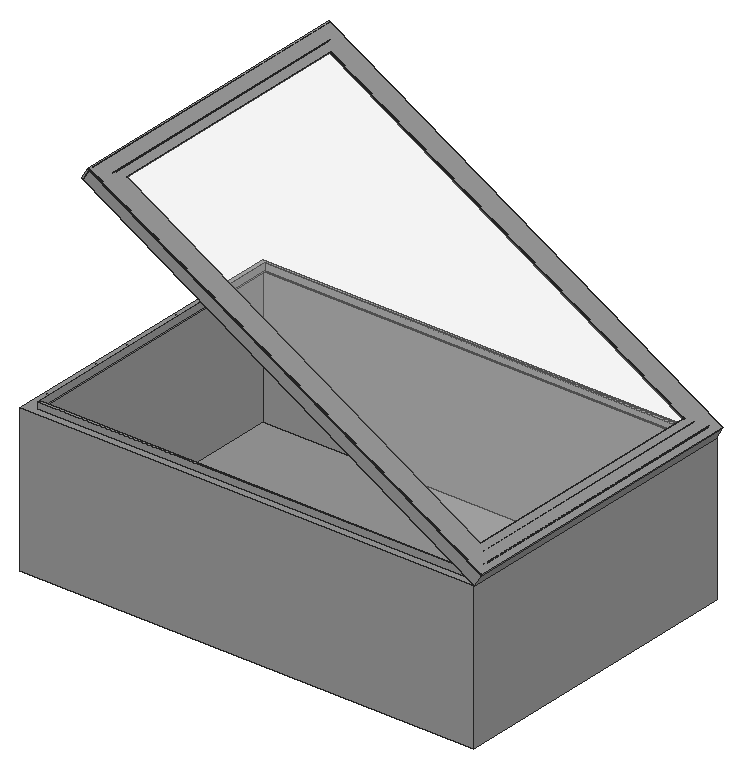
Revit family "Hager-Orion_Inox-IP66-D210-Cl.I-Inox_encl-630A-400mm-CH-de", category Electrical Equipment, host Face, Revit 2020
Family settings
  Host = Face
  Panel Configuration = Two Columns, Circuits Across
  Round Connector Dimension = Use Diameter
  Part Type = Panelboard
  Cut with Voids When Loaded = No
  Shared = No
  Room Calculation Point = No
Parameters (values of type "Aufputz IP66 B600 H400 T210  - FL017TWL")
  Width Control [instance] = if([EF000008 - Breite] > Min Width, [EF000008 - Breite], Min Width)  # 600 mm
  Type Comments = [HG000003 - Bereich]  # "Orion Inox"
  Thickness Door [instance] = if([EF009171 - Materialstärke Tür/Deckel] > 3 mm, 3 mm, [EF009171 - Materialstärke Tür/Deckel])  # 1.5 mm
  Seal Frame Offset [instance] = 17 mm  # constant formula
  Model = ""
  Min Width [instance] = 100 mm  # constant formula
  Min Height [instance] = 100 mm  # constant formula
  Min Depth [instance] = (2 * [EF009170 - Materialstärke Gehäuse]) + 1 mm  # 4 mm
  Internal Frame Depth [instance] = (Door System Depth * 0.5)  # 9 mm
  Height Control [instance] = if([EF000040 - Höhe] > Min Height, [EF000040 - Höhe], Min Height)  # 400 mm
  HG000027 - Sockelhöhe = 0 mm
  HG000026 - Stehend auf dem Boden = no
  HG000024 - Höhe des unteren Teils = 800 mm
  HG000023 - Gehäuse mit doppeltem Querschnitt = no
  HG000016 - 3D-Türsichtbarkeit [instance] = yes
  HG000015 - Sichtbarkeit der Türöffnung [instance] = no
  HG000014 - Tür rechts [instance] = yes
  HG000013 - Tür links [instance] = not([HG000014 - Tür rechts])  # no
  HG000012 - Türschwenkwinkel [instance] = 30.00°
  HG000010 - Asymmetrische Türen = no
  HG000009 - Doppelflügeligen Tür = no
  HG000006 - Unterputz = no
  HG000004 - Herstellerreferenz = "FL017TWL"
  HG000003 - Bereich = "Orion Inox"
  HG000002 - Mit tür = yes
  Frame Offset Bottom [instance] = 10 mm  # constant formula
  Frame Offset [instance] = 15 mm  # constant formula
  EF015940 - Deckel mit Überdruckentlastung = no
  EF011959 - Schutzart (NEMA) = ""
  EF009554 - Anzahl der Öffnungen für Flanschplatten = 0
  Manufacturer = "Hager"  # constant formula
  EF009212 - Ausführung Deckel = "EV000116 - geschlossen"
  EF009171 - Materialstärke Tür/Deckel = 1.5 mm
  EF009170 - Materialstärke Gehäuse = 1.5 mm
  EF008873 - Nennstrom (In) = 630 A
  EF007800 - Geeignet für Blitzschutz = no
  EF006306 - Mit Schloss = yes
  EF006244 - Transparenter Deckel/Tür = yes
  EF005474 - Schutzart (IP) = "EV006422 - IP66"
  EF004464 - Art der Tür = "EV002646 - Einzel"
  EF004427 - Anzahl der Module = 0
  EF004293 - Schlagfestigkeit = "EV006814 - IK08"
  EF003532 - Geeignet für Außengebrauch = yes
  EF002950 - Breite in Teilungseinheiten = 0
  EF001613 - Funktionserhalt = "EV000494 - ohne"
  EF001596 - Werkstoff des Gehäuses = "EV000166 - rostfreier Stahl"
  EF001131 - Innentiefe = 176 mm
  EF001088 - Anbaumöglichkeit = yes
  EF000437 - Anzahl der Leitungseinführungen = 0
  EF000339 - Art der Abdeckung = "EV004216 - Tür"
  EF000266 - Anzahl der Reihen = 0
  EF000218 - Einbautiefe = 0 mm
  EF000118 - Mit Montageplatte = no
  EF000116 - RAL-Nummer = ""
  EF000049 - Tiefe = 210 mm
  EF000040 - Höhe = 400 mm
  EF000008 - Breite = 600 mm
  EF000007 - Farbe = "EV000154 - sonstige"
  EF000003 - Montageart = "EV000384 - Aufputz"
  Door System Leaf Tolerance [instance] = 1.5 mm  # constant formula
  Door System Depth [instance] = 18 mm  # constant formula
  Depth Control [instance] = if([EF000049 - Tiefe] > Min Depth, [EF000049 - Tiefe], Min Depth)  # 210 mm
  Default Elevation = 0 mm
Types (12, lengths in mm): name | Width Control | HG000004 - Herstellerreferenz | EF009212 - Ausführung Deckel | EF006306 - Mit Schloss | EF006244 - Transparenter Deckel/Tür | EF004293 - Schlagfestigkeit | EF001613 - Funktionserhalt | EF000008 - Breite
  Aufputz IP66 B300 H400 T210  - FL015BW | 300 | "FL015BW" | "EV000116 - geschlossen" | yes | no | "EV008784 - IK10" | "EV000494 - ohne" | 300
  Aufputz IP66 B300 H400 T210  - FL015BWL | 300 | "FL015BWL" | "EV000116 - geschlossen" | yes | no | "EV008784 - IK10" | "EV000494 - ohne" | 300
  Aufputz IP66 B300 H400 T210  - FL015TW | 300 | "FL015TW" | "EV000116 - geschlossen" | yes | yes | "EV006814 - IK08" | "EV000494 - ohne" | 300
  Aufputz IP66 B300 H400 T210  - FL015TWL | 300 | "FL015TWL" | "EV000116 - geschlossen" | yes | yes | "EV006814 - IK08" | "EV000494 - ohne" | 300
  Aufputz IP66 B400 H400 T210  - FL016BW | 400 | "FL016BW" | "EV009916 - mit Ausschnitt" | no | no | "EV008784 - IK10" | "" | 400
  Aufputz IP66 B400 H400 T210  - FL016BWL | 400 | "FL016BWL" | "EV009916 - mit Ausschnitt" | no | no | "EV008784 - IK10" | "" | 400
  Aufputz IP66 B400 H400 T210  - FL016TW | 400 | "FL016TW" | "EV000116 - geschlossen" | yes | yes | "EV006814 - IK08" | "EV000494 - ohne" | 400
  Aufputz IP66 B400 H400 T210  - FL016TWL | 400 | "FL016TWL" | "EV000116 - geschlossen" | yes | yes | "EV006814 - IK08" | "EV000494 - ohne" | 400
  Aufputz IP66 B600 H400 T210  - FL017BW | 600 | "FL017BW" | "EV000116 - geschlossen" | yes | no | "EV008784 - IK10" | "EV000494 - ohne" | 600
  Aufputz IP66 B600 H400 T210  - FL017BWL | 600 | "FL017BWL" | "EV000116 - geschlossen" | yes | no | "EV008784 - IK10" | "EV000494 - ohne" | 600
  Aufputz IP66 B600 H400 T210  - FL017TW | 600 | "FL017TW" | "EV000116 - geschlossen" | yes | yes | "EV006814 - IK08" | "EV000494 - ohne" | 600
  Aufputz IP66 B600 H400 T210  - FL017TWL | 600 | "FL017TWL" | "EV000116 - geschlossen" | yes | yes | "EV006814 - IK08" | "EV000494 - ohne" | 600
Reference planes
  plane 1 "Center (Front/Back)": y = 0
  plane 2: z = 0
  plane 3 "Center (Left/Right)": x = 0
  plane 4: z = 210
  plane 5: y = 1.5
  plane 6: y = 200
  plane 7: y = 0
  plane 8: y = 400
  plane 9: z = 0
  plane 10: x = -285
  plane 11: x = 285
  plane 12: x = 283.5
  plane 13: x = -283.5
  plane 14: y = 398.5
  plane 15: x = -283
  plane 16: x = -300
  plane 17: x = 283
  plane 18: x = 300
  plane 19: x = 298.5
  plane 20: x = -298.5
  plane 21: y = 11.5
  plane 22: y = 400
  plane 23: y = 383.5
  plane 24: z = 192
  plane 25: z = 1.5
  plane 26: z = 190.5
  plane 27: z = 208.5
Forms (mm)
  Extrusion 1, solid, material "Hager_Stainless_Steel", detail levels medium+fine
    sketch origin (0, 0, 0) x (1, 0, 0) y (0, 1, 0)
      loop
        line (-300, 0) -> (300, 0) -> (300, 400) -> (-300, 400) -> (-300, 0)
    from 0 to 192
  Extrusion 2, solid, material "Hager_Steel_RAL 7035_Light_Grey", not visible, detail levels medium+fine
    sketch origin (0, 28.16, 50.802) x (0, 1, 0) y (0, 0, 1)
      loop
        line (223.34, -50.802) -> (223.34, 147.698)
        arc (223.34, 147.698) -> (220.411, 154.769) -> (213.34, 157.698) r 10
        line (213.34, 157.698) -> (183.34, 157.698) -> (183.34, -50.802) -> (223.34, -50.802)
    from -298.5 to 298.5
  Extrusion 3, void
    sketch origin (0, 0, 0) x (1, 0, 0) y (0, 1, 0)
      loop
        line (-298.5, 1.5) -> (298.5, 1.5) -> (298.5, 398.5) -> (-298.5, 398.5) -> (-298.5, 1.5)
    from 1.5 to 190.5
  Extrusion 4, void
    sketch origin (-381.607, -4572, 192) x (0, -1, 0) y (-1, 0, 0)
      loop
        line (-4583.5, -98.107) -> (-4955.5, -98.107) -> (-4955.5, -665.107) -> (-4583.5, -665.107) -> (-4583.5, -98.107)
    from 0 to 1.5 <- "EF009170 - Materialstärke Gehäuse"
  Extrusion 5, solid, material "Hager_Stainless_Steel", detail levels fine
    sketch origin (-381.607, -4572, 192) x (-1, 0, 0) y (0, -1, 0)
      loop
        line (-98.107, -4583.5) -> (-665.107, -4583.5) -> (-665.107, -4955.5) -> (-98.107, -4955.5) -> (-98.107, -4583.5)
      loop
        line (-97.107, -4582) -> (-666.107, -4582) -> (-666.107, -4957) -> (-97.107, -4957) -> (-97.107, -4582)
    from 0 to 9 <- "Internal Frame Depth"
  Extrusion 6, solid, material "Hager_Stainless_Steel", detail levels coarse
    sketch origin (0, 0, 0) x (1, 0, 0) y (0, 1, 0)
      loop
        line (-300, 0) -> (300, 0) -> (300, 400) -> (-300, 400) -> (-300, 0)
    from 0 to 210
Cuts and joins
  Extrusion 3, Extrusion 4 cuts Extrusion 1
Lines and regions (mm)
  Masking region 1
    outline origin (0, 0, 0) x (1, 0, 0) y (0, 0, 1)
      loop
        line (-300, 210) -> (-300, 0) -> (300, 0) -> (300, 210) -> (-300, 210)
  Masking region 2, detail levels medium+fine
    outline origin (0, 140, 0) x (0, 1, 0) y (0, 0, 1)
      loop
        line (-140, 0) -> (260, 0) -> (260, 192) -> (-140, 192) -> (-140, 0)
  Masking region 3, not visible, detail levels medium+fine
    outline origin (0, 297.922, 0) x (0, 1, 0) y (0, 0, 1)
      loop
        line (-86.422, 0) -> (-46.422, 0) -> (-46.422, 198.5)
        arc (-46.422, 198.5) -> (-49.351, 205.571) -> (-56.422, 208.5) r 10
        line (-56.422, 208.5) -> (-86.422, 208.5) -> (-86.422, 0)
  Masking region 4, detail levels coarse
    outline origin (0, 0, 180) x (0, 1, 0) y (0, 0, 1)
      loop
        line (0, -180) -> (400, -180) -> (400, 30) -> (0, 30) -> (0, -180)
  Masking region 5
    outline origin (-381.607, -4572, 192) x (-1, 0, 0) y (0, -1, 0)
      loop
        line (-81.607, -4972) -> (-81.607, -4572) -> (-681.607, -4572) -> (-681.607, -4972) -> (-81.607, -4972)
Dimensions and locks
  "Depth Control": plane 4 to host face
  "EF009170 - Materialstärke Gehäuse": plane 5 to plane 7
  locked: connector elem to plane 3 "Center (Left/Right)"
  equal spacing: plane 8, plane 6, plane 7
  locked: connector elem to plane 6
  "EF009170 - Materialstärke Gehäuse": plane 8 to plane 14
  "EF009170 - Materialstärke Gehäuse": plane 10 to plane 13
  "EF009170 - Materialstärke Gehäuse": plane 12 to plane 11
  "Frame Offset": plane 20 to plane 13
  "Frame Offset": plane 12 to plane 19
  "EF009170 - Materialstärke Gehäuse": plane 16 to plane 20
  "EF009170 - Materialstärke Gehäuse": plane 19 to plane 18
  "Seal Frame Offset": plane 16 to plane 15
  "Seal Frame Offset": plane 17 to plane 18
  "Frame Offset Bottom": plane 21 to plane 5
  "Frame Offset": plane 14 to plane 23
  equal spacing: plane 16, plane 3 "Center (Left/Right)", plane 18
  "Width Control": plane 16 to plane 18
  "EF009170 - Materialstärke Gehäuse": plane 4 to plane 27
  "EF009170 - Materialstärke Gehäuse": plane 24 to plane 26
  "EF009170 - Materialstärke Gehäuse": plane 25 to level
  "Door System Depth": plane 4 to plane 24
  "Height Control": plane 1 "Center (Front/Back)" to Extrusion 6 sketch curve
  "Height Control": Masking region 4 sketch curve to plane 1 "Center (Front/Back)"
  "Thickness Door": Extrusion 5 sketch curve to plane 15
  "Thickness Door": plane 21 to Extrusion 5 sketch curve
  "Thickness Door": plane 17 to Extrusion 5 sketch curve
  "Thickness Door": Extrusion 5 sketch curve to plane 23
  "Height Control": plane 1 "Center (Front/Back)" to plane 22
  radius of Masking region 3 sketch curve = 10 mm
  radius of Extrusion 2 sketch curve = 10 mm
  aligned and locked: plane 2 to host face
  aligned and locked: level to host face
  aligned and locked: level to Masking region 1 sketch curve
  aligned and locked: Masking region 1 sketch curve to plane 18
  aligned and locked: Masking region 1 sketch curve to plane 16
  aligned and locked: plane 7 to Masking region 2 sketch curve
  aligned and locked: level to Masking region 3 sketch curve
  aligned and locked: Masking region 3 sketch curve to plane 27
  aligned and locked: level to Masking region 2 sketch curve
  aligned and locked: Extrusion 1 sketch curve to plane 7
  aligned and locked: plane 16 to Extrusion 1 sketch curve
  aligned and locked: plane 18 to Extrusion 1 sketch curve
  aligned and locked: Extrusion 2 sketch curve to level
  aligned and locked: plane 27 to Extrusion 2 sketch curve
  aligned and locked: plane 20 to Extrusion 2
  aligned and locked: plane 19 to Extrusion 2
  aligned and locked: plane 20 to Extrusion 3 sketch curve
  aligned and locked: plane 19 to Extrusion 3 sketch curve
  aligned and locked: Extrusion 3 sketch curve to plane 5
  aligned and locked: Extrusion 3 to plane 25
  aligned and locked: plane 26 to Extrusion 3
  aligned and locked: plane 24 to Extrusion 1
  aligned and locked: Extrusion 4 sketch curve to plane 21
  aligned and locked: Extrusion 4 sketch curve to plane 13
  aligned and locked: Extrusion 4 sketch curve to plane 12
  aligned and locked: plane 18 to Extrusion 6 sketch curve
  aligned and locked: plane 1 "Center (Front/Back)" to Extrusion 6 sketch curve
  aligned and locked: plane 16 to Extrusion 6 sketch curve
  aligned and locked: plane 4 to Extrusion 6
  aligned and locked: Extrusion 6 to level
  aligned and locked: level to Masking region 4 sketch curve
  aligned and locked: Masking region 4 sketch curve to plane 1 "Center (Front/Back)"
  aligned and locked: Masking region 4 sketch curve to plane 4
  aligned and locked: nested 1 to level
  aligned and locked: nested 1 to plane 16
  aligned and locked: plane 8 to Extrusion 1 sketch curve
  aligned and locked: plane 23 to Extrusion 4 sketch curve
  aligned and locked: plane 14 to Extrusion 3 sketch curve
  aligned and locked: Extrusion 5 sketch curve to plane 21
  aligned and locked: plane 13 to Extrusion 5 sketch curve
  aligned and locked: plane 23 to Extrusion 5 sketch curve
  aligned and locked: plane 12 to Extrusion 5 sketch curve
  aligned and locked: Masking region 2 sketch curve to plane 8
  aligned and locked: Masking region 2 sketch curve to plane 24
  aligned and locked: nested 2 to plane 3 "Center (Left/Right)"
  aligned and locked: nested 2 to plane 24
  aligned and locked: Masking region 5 sketch curve to plane 1 "Center (Front/Back)"
  aligned and locked: Masking region 5 sketch curve to plane 18
  aligned and locked: Masking region 5 sketch curve to plane 22
  aligned and locked: Masking region 5 sketch curve to plane 16
  aligned and locked: plane 8 to plane 22
  aligned and locked: plane 7 to plane 1 "Center (Front/Back)"
  aligned and locked: nested 2 to plane 1 "Center (Front/Back)"
Automatic sketch dimensions
  host sketch curve to host sketch curve = 1469.727 mm
  host sketch curve to host sketch curve = 2116.445 mm
  plane 6 to Masking region 3 sketch curve = 11.5 mm
  Masking region 3 sketch curve to Masking region 3 sketch curve = 30 mm
  plane 6 to Extrusion 2 sketch curve = 11.5 mm
  Extrusion 2 sketch curve to Extrusion 2 sketch curve = 30 mm
  Masking region 1 sketch curve to plane 4 = 0 mm
Nested families
  nested 1: "Hager_Enclosure_Symbol" at (-300, 0, 0) x (1, 0, 0) z (0, -1, 0), Height <- "Depth Control", Width <- "Width Control", type "Hager_Enclosure_Symbol"
    with Width_Ctrl 600 mm, Width 600 mm, Height_Ctrl 210 mm, Height 210 mm, A_Width_Int 13.781 mm, A_Width 165.375 mm, A_Height_Ctrl 183.75 mm, A_Height 183.75 mm
  nested 2: "EC000058_OrionInox_Door" at (0, 400, 192) x (1, 0, 0) z (0, -1, 0), Leaf_Tolerance <- "Door System Leaf Tolerance", Angle <- "HG000012 - Türschwenkwinkel", Door_Depth <- "Door System Depth", Door_Left <- "HG000013 - Tür links", Transparent <- "EF006244 - Transparenter Deckel/Tür", Assymetrical <- "HG000010 - Asymmetrische Türen", Width <- "Width Control", Clearance <- "HG000015 - Sichtbarkeit der Türöffnung", Double <- "HG000009 - Doppelflügeligen Tür", 3d_Door <- "HG000016 - 3D-Türsichtbarkeit", Width_Ctrl <- "Width Control", Door_Right <- "HG000014 - Tür rechts", Door <- "HG000002 - Mit tür", Height <- "Height Control", Thickness <- "Thickness Door", type "EC000058_OrionInox_Door", detail levels medium+fine
    with min_wh 4 mm, Width_Ctrl 600 mm, Width 600 mm, Transparent yes, Thickness 1.5 mm, Seal_Material Hager_Rubber, Leaf_Width 600 mm, Leaf_Tolerance_External_Sides 0 mm, Leaf_Tolerance 1.5 mm, Leaf_Offset 0 mm, Leaf_Height 397 mm, Leaf_2_Width 600 mm, Leaf_2_Offset 300 mm, Leaf_1_Width 600 mm, Leaf_1_Offset 300 mm, Height_Ctrl 400 mm, Height 400 mm, Glass_Material Hager_Glass, Double_Clearance_Ctrl no, Double no, Door_Right_Ctrl yes, Door_Right yes, Door_Material Hager_Stainless_Steel, Door_Left_Ctrl no, Door_Left no, Door_Depth 18 mm, Door yes, Clearance_Material Hager_Clearance, Clearance_Depth 600 mm, Clearance_Ctrl no, Clearance no, Assymetrical no, Angle 30.00°, 3d_Door yes
Connectors
  electrical at (0, 200, 0)
    settings: on plane 9, index 1, voltage 0 V, apparent load 0 VA, apparent load phase1 0 VA, apparent load phase2 0 VA, apparent load phase3 0 VA, power factor 1, load classification "Other", number of poles 1, system type 30, power factor state 1, is connector primary yes, connector utility no, sub classification motor no, connector description ""
Definition of nested family "EC000058_OrionInox_Door"
  Parameters (values of type "EC000058_OrionInox_Door")
    min_wh [instance] = (2 * Thickness) + 1 mm  # 11 mm
    Width_Ctrl [instance] = 400 mm
    Width [instance] = 500 mm
    Transparent [instance] = yes
    Thickness [instance] = 5 mm
    Seal_Material [instance] = none
    Leaf_Width [instance] = if((Width_Ctrl - 2 * Leaf_Tolerance_External_Sides) > 0 mm, (Width_Ctrl - 2 * Leaf_Tolerance_External_Sides), min_wh)  # 400 mm
    Leaf_Tolerance_External_Sides [instance] = 0 mm  # constant formula
    Leaf_Tolerance [instance] = 1.5 mm
    Leaf_Offset [instance] = 0 mm  # constant formula
    Leaf_Height [instance] = if((Height_Ctrl - 2 * Leaf_Tolerance) > 0 mm, (Height_Ctrl - 2 * Leaf_Tolerance), min_wh)  # 497 mm
    Leaf_2_Width [instance] = if(and(and(Double, Assymetrical), Door_Left), (Leaf_Width / 3) - (Leaf_Tolerance / 2), if(and(and(Double, Assymetrical), Door_Right), (Leaf_Width / 3) * 2 - (Leaf_Tolerance / 2), if(and(Double, not(Assymetrical)), (Leaf_Width / 2) - Leaf_Tolerance, Leaf_Width)))  # 400 mm
    Leaf_2_Offset [instance] = if(and(Double, Assymetrical), Leaf_2_Width / 2, if(and(Double, not(Assymetrical)), Leaf_Width / 4, Leaf_Width / 2))  # 200 mm
    Leaf_1_Width [instance] = if(and(and(Double, Assymetrical), Door_Right), (Leaf_Width / 3) - (Leaf_Tolerance / 2), if(and(and(Double, Assymetrical), Door_Left), (Width / 3) * 2 - (Leaf_Tolerance / 2), if(and(Double, not(Assymetrical)), (Leaf_Width / 2) - Leaf_Tolerance, Leaf_Width)))  # 400 mm
    Leaf_1_Offset [instance] = if(and(Double, Assymetrical), Leaf_1_Width / 2, if(and(Double, not(Assymetrical)), Leaf_Width / 4, Leaf_Width / 2))  # 200 mm
    Height_Ctrl [instance] = if(Height > min_wh, Height, min_wh)  # 500 mm
    Height [instance] = 500 mm
    Glass_Material [instance] = none
    Double_Clearance_Ctrl [instance] = and(Double, Clearance)  # no
    Double [instance] = no
    Door_Right_Ctrl [instance] = and(or(Door_Right, Double), Door)  # yes
    Door_Right [instance] = yes
    Door_Material [instance] = none
    Door_Left_Ctrl [instance] = and(or(Door_Left, Double), Door)  # no
    Door_Left [instance] = no
    Door_Depth [instance] = 30 mm
    Door [instance] = yes
    Default Elevation = 1219.2 mm
    Clearance_Material [instance] = none
    Clearance_Depth [instance] = if(Leaf_1_Width > Leaf_2_Width, Leaf_1_Width, Leaf_2_Width)  # 400 mm
    Clearance_Ctrl [instance] = and(not(Double), Clearance)  # yes
    Clearance [instance] = yes
    Assymetrical [instance] = yes
    Angle [instance] = 30.00°
    3d_Door [instance] = yes
  Reference planes
    plane 1 "Center (Front/Back)": y = 0
    plane 2 "Bottom": z = 0
    plane 3 "Center (Left/Right)": x = 0
    plane 4: z = 500
    plane 5: x = -200
    plane 6: x = 200
    plane 7: z = 500
    plane 8: x = -200
    plane 9: z = 0
    plane 10: x = 200
    plane 11: y = 0
    plane 12: z = 1.5
    plane 13: x = -600
    plane 14: y = -400
    plane 15: x = 600
    plane 16: x = 0
    plane 17: x = 0
    plane 18: x = -200
    plane 19: x = 200
    plane 20: z = 498.5
  Forms (mm)
    Extrusion 1, solid, material <- "Clearance_Material", visible <- "Double_Clearance_Ctrl"
      sketch origin (1200, 0, 0) x (1, 0, 0) y (0, 0, -1)
        loop
          line (-1800, -498.5) -> (-600, -498.5) -> (-600, 0) -> (-1800, 0) -> (-1800, -498.5)
      from 0 to -400
  Dimensions and locks
    equal spacing: plane 5, plane 3 "Center (Left/Right)", plane 6
    "Width_Ctrl": plane 5 to plane 6
    "Leaf_Offset": plane 5 to plane 8
    "Leaf_Offset": plane 6 to plane 10
    "Leaf_Offset": plane 9 to level
    "Leaf_Offset": plane 4 to plane 7
    "Height_Ctrl": plane 4 to level
    "Leaf_Tolerance": plane 12 to plane 9
    locked: plane 11 to plane 1 "Center (Front/Back)"
    "Leaf_1_Offset": plane 18 to plane 16
    "Leaf_2_Offset": plane 17 to plane 19
    "Leaf_1_Width": plane 13 to plane 8
    "Leaf_2_Width": plane 10 to plane 15
    "Clearance_Depth": plane 14 to plane 1 "Center (Front/Back)"
    "Leaf_Tolerance_External_Sides": plane 8 to plane 18
    "Leaf_Tolerance_External_Sides": plane 19 to plane 10
    "Leaf_Tolerance": plane 7 to plane 20
    aligned and locked: level to plane 2 "Bottom"
    aligned and locked: nested 1 to plane 16
    aligned and locked: nested 2 to plane 17
    aligned and locked: Extrusion 1 to plane 13
    aligned and locked: plane 15 to Extrusion 1
    aligned and locked: Extrusion 1 to plane 14
    aligned and locked: plane 12 to nested 1
    aligned and locked: nested 2 to plane 12
    aligned and locked: Extrusion 1 to plane 11
    aligned and locked: plane 20 to Extrusion 1
    aligned and locked: nested 2 to plane 11
    aligned and locked: nested 1 to plane 11
  Automatic sketch dimensions
    Extrusion 1 sketch curve to level = 0 mm
    plane 5 to Extrusion 1 sketch curve = 400 mm
    plane 6 to Extrusion 1 sketch curve = 400 mm
    Extrusion 1 sketch curve to plane 4 = 1.5 mm
  Nested families
    nested 1: "EC000058_OrionInox_Door_Leaf" at (0, 0, 1.5), Width <- "Leaf_1_Width", visible <- "Door_Left_Ctrl", Leaf_Height <- "Leaf_Height", Angle <- "Angle", 3d_Door <- "3d_Door", Transparent <- "Transparent", Clearance Material <- "Clearance_Material", Clearance <- "Clearance_Ctrl", Door_Material <- "Door_Material", Glass_Material <- "Glass_Material", Door_Depth <- "Door_Depth", Seal_Material <- "Seal_Material", Thickness <- "Thickness", type "EC000058_OrionInox_Door_Leaf"
      with Width 400 mm, Transparent_Ctrl yes, Transparent yes, Thickness 5 mm, Standard no, Seal_Material none, Seal_D2 8 mm, Seal_D1 1 mm, Offset_Internal_Frame 10 mm, Lock_Width 28 mm, Lock_Thickness 2 mm, Lock_Radius 6 mm, Leaf_Height 497 mm, Internal_Seal_Thickness 8 mm, Internal_Seal_Depth_2 4.5 mm, Internal_Frame_Depth 25 mm, Glass_Thickness -1 mm, Glass_Offset -2 mm, Glass_Material none, Door_Material none, Door_Depth 30 mm, Clearance Material none, Clearance yes, Angle_Ctrl 30.00°, Angle 30.00°, 3d_Door yes
    nested 2: "EC000058_OrionInox_Door_Leaf" at (0, 0, 1.5) x (-1, 0, 0) z (0, 0, 1), Width <- "Leaf_2_Width", visible <- "Door_Right_Ctrl", Leaf_Height <- "Leaf_Height", Angle <- "Angle", 3d_Door <- "3d_Door", Transparent <- "Transparent", Clearance Material <- "Clearance_Material", Clearance <- "Clearance_Ctrl", Door_Material <- "Door_Material", Glass_Material <- "Glass_Material", Door_Depth <- "Door_Depth", Seal_Material <- "Seal_Material", Thickness <- "Thickness", type "EC000058_OrionInox_Door_Leaf"
      with Width 400 mm, Transparent_Ctrl yes, Transparent yes, Thickness 5 mm, Standard no, Seal_Material none, Seal_D2 8 mm, Seal_D1 1 mm, Offset_Internal_Frame 10 mm, Lock_Width 28 mm, Lock_Thickness 2 mm, Lock_Radius 6 mm, Leaf_Height 497 mm, Internal_Seal_Thickness 8 mm, Internal_Seal_Depth_2 4.5 mm, Internal_Frame_Depth 25 mm, Glass_Thickness -1 mm, Glass_Offset -2 mm, Glass_Material none, Door_Material none, Door_Depth 30 mm, Clearance Material none, Clearance yes, Angle_Ctrl 30.00°, Angle 30.00°, 3d_Door yes
  Definition of nested family "EC000058_OrionInox_Door_Leaf"
    Parameters (values of type "EC000058_OrionInox_Door_Leaf")
      Width [instance] = 450 mm
      Transparent_Ctrl [instance] = and(Transparent, [3d_Door])  # yes
      Transparent [instance] = yes
      Thickness [instance] = 5 mm
      Standard [instance] = and(not(Transparent), [3d_Door])  # no
      Seal_Material [instance] = none
      Seal_D2 [instance] = 8 mm  # constant formula
      Seal_D1 [instance] = 1 mm  # constant formula
      Offset_Internal_Frame [instance] = 10 mm  # constant formula
      Lock_Width [instance] = Door_Depth - Lock_Thickness  # 28 mm
      Lock_Thickness [instance] = 2 mm  # constant formula
      Lock_Radius [instance] = 6 mm  # constant formula
      Leaf_Height [instance] = 450 mm
      Internal_Seal_Thickness [instance] = 8 mm  # constant formula
      Internal_Seal_Depth_2 [instance] = 4.5 mm  # constant formula
      Internal_Frame_Depth [instance] = if(Door_Depth - Thickness > 5 mm, Door_Depth - Thickness, 5 mm)  # 25 mm
      Glass_Thickness [instance] = if(Thickness > 15 mm, Glass_Offset + 10 mm, -1 mm)  # -1 mm
      Glass_Offset [instance] = if(Thickness > 15 mm, -(Thickness + 10 mm) / 2, -2 mm)  # -2 mm
      Glass_Material [instance] = none
      Door_Material [instance] = none
      Door_Depth [instance] = 30 mm
      Default Elevation = 0 mm
      Clearance Material [instance] = none
      Clearance [instance] = yes
      Angle_Ctrl [instance] = if(Angle > 180.00°, 180.00°, Angle)  # 90.00°
      Angle [instance] = 90.00°
      3d_Door [instance] = yes
    Reference planes
      plane 1 "Center (Front/Back)": y = 0
      plane 2: z = 0
      plane 3 "Center (Left/Right)": x = 0
      plane 4: y = 450
      plane 5: x = -225
      plane 6: x = 225
      plane 7: x = -675
      plane 8: z = 450
      plane 9: z = 30
      plane 10: z = 420
      plane 11: x = 195
      plane 12: x = -195
      plane 13: y = -3
      plane 14: z = 107.833
      plane 15: y = -5
      plane 16: y = -223.314
      plane 17: x = -225
      plane 18: y = 30
    Forms (mm)
      Extrusion 1, solid, material <- "Clearance Material", visible <- "Clearance"
        sketch origin (0, 0, 0) x (1, 0, 0) y (0, 0, 1)
          loop
            line (-675, 450) -> (-675, 0) -> (225, 0) -> (225, 450) -> (-675, 450)
        from 0 to -450
      Extrusion 2, solid, material <- "Door_Material", visible <- "Standard", detail levels medium+fine
        sketch origin (-225, 0, 0) x (0, 1, 0) y (-1, 0, 0)
          loop
            line (0, 30) -> (0, 25) -> (450, 25) -> (450, 30) -> (0, 30)
        from 0 to 450 <- "Leaf_Height"
      Extrusion 3, solid, material <- "Door_Material", visible <- "Transparent_Ctrl", detail levels medium+fine
        sketch origin (-225, 0, 0) x (0, 1, 0) y (-1, 0, 0)
          loop
            line (0, 25) -> (450, 25) -> (450, 30) -> (0, 30) -> (0, 25)
        from 0 to 450 <- "Leaf_Height"
      Extrusion 4, void
        sketch origin (-250, 450, 0) x (0, 1, 0) y (0, 0, -1)
          loop
            line (-30, -420) -> (-30, -30) -> (-420, -30) -> (-420, -420) -> (-30, -420)
        from 0 to 5 <- "Thickness"
      Sweep 5, solid, material <- "Seal_Material", visible <- "Transparent_Ctrl", detail levels fine
        path in 3D
          loop
            line (-250, 30, 30) -> (-250, 30, 420) -> (-250, 420, 420) -> (-250, 420, 30) -> (-250, 30, 30)
        profile origin (-250, 225, 30) x (1, 0, 0) y (0, 0, 1)
          loop
            line (0, 0) -> (0, -8) -> (1, -8) -> (1, 0) -> (0, 0)
      Extrusion 6, solid, material <- "Glass_Material", visible <- "Transparent_Ctrl", detail levels medium+fine
        sketch origin (-255, 0, 0) x (0, 1, 0) y (0, 0, -1)
          loop
            line (420, -420) -> (420, -30) -> (30, -30) -> (30, -420) -> (420, -420)
        from -2 <- "Glass_Offset" to -1 <- "Glass_Thickness"
      Extrusion 7, solid, material <- "Door_Material", visible <- "3d_Door", detail levels medium+fine
        sketch origin (-250, 450, 0) x (0, -1, 0) y (0, 0, -1)
          loop
            line (0, -450) -> (450, -450) -> (450, 0) -> (0, 0) -> (0, -450)
          loop
            line (445, -5) -> (5, -5) -> (5, -445) -> (445, -445) -> (445, -5)
        from 0 to 25 <- "Internal_Frame_Depth"
      Sweep 8, solid, material <- "Seal_Material", visible <- "Transparent_Ctrl", detail levels fine
        path in 3D
          loop
            line (-250, 0, 0) -> (-250, 450, 0) -> (-250, 450, 450) -> (-250, 0, 450) -> (-250, 0, 0)
        profile origin (-250, 0, 225) x (1, 0, 0) y (0, 1, 0)
          loop
            line (0, 10) -> (2.975, 10)
            arc (2.975, 10) -> (4.053, 10.447) -> (4.5, 11.525) r 1.525
            line (4.5, 11.525) -> (4.5, 16.527)
            arc (4.5, 16.527) -> (4.069, 17.569) -> (3.027, 18) r 1.473
            line (3.027, 18) -> (0, 18) -> (0, 10)
    Cuts and joins
      Extrusion 4 cuts Extrusion 3
    Lines and regions (mm)
      Masking region 1, detail levels medium+fine
        outline origin (0, 0, 0) x (0, 1, 0) y (0, 0, 1)
          loop
            line (0, 0) -> (30, 0) -> (30, 450) -> (0, 450) -> (0, 0)
      Masking region 2, detail levels medium+fine
        outline origin (0, 0, 0) x (1, 0, 0) y (0, 0, 1)
          loop
            line (-225, 450) -> (-225, 0) -> (225, 0) -> (225, 450) -> (-225, 450)
      symbolic lines
        curve 1: line (225, 0, 0) -> (-675, 0, 0)
        curve 2: arc (225, 0, 0) -> (-225, 450, 0) -> (-675, 0, 0) r 450
        curve 4: line (-255, 0, 0) -> (-255, 450, 0)
      reference lines
        curve 3: line (-225, 0, 0) -> (-225, 450, 0)
      symbolic lines, detail levels medium+fine
        curve 5: line (-255, 450, 0) -> (-250, 450, 0)
        curve 7: line (-250, 0, 0) -> (-255, 0, 0)
        curve 8: line (-250, 0, 0) -> (-225, 0, 0)
        curve 9: line (-225, 0, 0) -> (-225, 450, 0)
        curve 10: line (-225, 450, 0) -> (-250, 450, 0)
      symbolic lines, detail levels fine
        curve 6: line (-250, 450, 0) -> (-250, 0, 0)
      sketch lines
        curve 11: line (-250, 0, 450) -> (-250, 0, 0)
        curve 12: line (-250, 450, 0) -> (-250, 0, 0)
        curve 13: line (-250, 450, 450) -> (-250, 450, 0)
        curve 14: line (-250, 0, 450) -> (-250, 450, 450)
        curve 15: line (-250, 420, 30) -> (-250, 30, 30)
        curve 16: line (-250, 30, 30) -> (-250, 30, 420)
        curve 17: line (-250, 420, 420) -> (-250, 420, 30)
        curve 18: line (-250, 30, 420) -> (-250, 420, 420)
      symbolic lines, visible <- "Transparent", detail levels medium+fine
        curve 19: line (-195, 0, 420) -> (195, 0, 420)
        curve 20: line (-195, 0, 30) -> (-195, 0, 420)
        curve 21: line (195, 0, 30) -> (-195, 0, 30)
        curve 22: line (195, 0, 420) -> (195, 0, 30)
    Dimensions and locks
      "Width": plane 1 "Center (Front/Back)" to plane 4
      equal spacing: plane 5, plane 3 "Center (Left/Right)", plane 6
      "Width": plane 5 to plane 6
      "Width": plane 7 to plane 5
      "Leaf_Height": plane 8 to level
      "Width": curve 5 to curve 3
      "Width": curve 3 to curve 3
      plane 8 to plane 10 = 30 mm
      plane 9 to level = 30 mm
      plane 12 to plane 5 = 30 mm
      plane 6 to plane 11 = 30 mm
      Extrusion 4 sketch curve to Extrusion 3 = 30 mm
      Extrusion 3 to Extrusion 4 sketch curve = 30 mm
      Extrusion 1 to Extrusion 4 sketch curve = 30 mm
      curve 3 to Extrusion 4 sketch curve = 30 mm
      Extrusion 4 sketch curve to cut or joined group of Extrusion 3, Extrusion 4 = 30 mm
      cut or joined group of Extrusion 3, Extrusion 4 to Extrusion 6 sketch curve = 30 mm
      cut or joined group of Extrusion 3, Extrusion 4 to Extrusion 4 sketch curve = 30 mm
      "Thickness": curve 6 to curve 4
      "Thickness": Extrusion 7 sketch curve to Extrusion 7 sketch curve  (x4)
      "Door_Depth": curve 4 to curve 3
      "Offset_Internal_Frame": profile plane to Sweep 8 sketch curve
      "Internal_Seal_Thickness": Sweep 8 sketch curve to Sweep 8 sketch curve
      "Internal_Seal_Depth_2": profile plane to Sweep 8 sketch curve
      "Seal_D1": profile plane to Sweep 5 sketch curve
      "Seal_D2": profile plane to Sweep 5 sketch curve
      "Thickness": Extrusion 2 sketch curve to Extrusion 2 sketch curve
      "Door_Depth": plane 18 to plane 1 "Center (Front/Back)"
      radius of Sweep 8 sketch curve = 1.525 mm
      radius of Sweep 8 sketch curve = 1.473 mm
      "Angle_Ctrl": angle plane 1 "Center (Front/Back)" to curve 3
      aligned and locked: level to plane 2
      aligned and locked: Extrusion 1 to curve 1
      aligned and locked: plane 6 to Extrusion 1
      aligned and locked: plane 1 "Center (Front/Back)" to Extrusion 1
      aligned and locked: plane 4 to Extrusion 1
      aligned and locked: plane 8 to Extrusion 1
      aligned and locked: curve 7 to Extrusion 2 sketch curve
      aligned and locked: curve 5 to Extrusion 2 sketch curve
      aligned and locked: curve 7 to Extrusion 3 sketch curve
      aligned and locked: Extrusion 3 sketch curve to curve 4
      aligned and locked: Extrusion 3 sketch curve to curve 6
      aligned and locked: Extrusion 3 sketch curve to curve 5
      aligned and locked: curve 9 to curve 3
      aligned and locked: Extrusion 7 sketch curve to cut or joined group of Extrusion 3, Extrusion 4  (x4)
      aligned and locked: plane 17 to curve 3
      aligned and locked: plane 1 "Center (Front/Back)" to curve 3
      aligned and locked: plane 17 to plane 5
      aligned and locked: Sweep 8 sketch curve to profile plane
      aligned and locked: Sweep 5 sketch curve to profile plane  (x2)
      aligned and locked: plane 1 "Center (Front/Back)" to Masking region 1 sketch curve
      aligned and locked: plane 18 to Masking region 1 sketch curve
      aligned and locked: level to Masking region 1 sketch curve
      aligned and locked: Masking region 1 sketch curve to plane 8
      aligned and locked: plane 17 to Masking region 2 sketch curve
      aligned and locked: level to Masking region 2 sketch curve
      aligned and locked: Masking region 2 sketch curve to plane 8
      aligned and locked: plane 12 to curve 20
      aligned and locked: plane 10 to curve 19
      aligned and locked: plane 11 to curve 22
      aligned and locked: plane 9 to curve 21
      aligned and locked: Extrusion 2 sketch curve to cut or joined group of Extrusion 3, Extrusion 4
    Automatic sketch dimensions
      plane 1 "Center (Front/Back)" to curve 2 = 0 mm
      curve 2 to plane 5 = 0 mm
      Extrusion 1 sketch curve to level = 0 mm
      Extrusion 1 sketch curve to plane 7 = 0 mm
      Extrusion 1 sketch curve to plane 6 = 0 mm
      Extrusion 1 sketch curve to plane 8 = 0 mm
      Extrusion 3 to Extrusion 6 sketch curve = 30 mm  (x4)
      Masking region 2 sketch curve to plane 6 = 0 mm
      curve 4 to curve 3 = 0 mm
Definition of nested family "Hager_Enclosure_Symbol"
  Parameters (values of type "Hager_Enclosure_Symbol")
    Width_Ctrl [instance] = if(Width > 1 mm, Width, 1 mm)  # 102.27 mm
    Width [instance] = 102.27 mm
    Height_Ctrl [instance] = if(Height > 1 mm, Height, 1 mm)  # 66.5 mm
    A_Width_Int [instance] = if(A_Width / 12 > 2 mm, A_Width / 12, 2 mm)  # 4.364 mm
    A_Width [instance] = if(A_Height_Ctrl * 0.9 > 2 mm, A_Height_Ctrl * 0.9, 2 mm)  # 52.369 mm
    A_Height_Ctrl [instance] = if(A_Height > 2 mm, A_Height, 2 mm)  # 58.188 mm
    Height [instance] = 66.5 mm
    A_Height [instance] = Height - (Height / 8)  # 58.188 mm
  Reference planes
    plane 1 "Centre (avant/arrière)": y = 0
    plane 2: z = 0
    plane 3 "Centre (gauche/droite)": x = 0
    plane 4: x = 52.369
    plane 5: y = 33.042
    plane 6: y = 41.77
    plane 7: y = 66.5
    plane 8: x = 26.184
    plane 9: y = 37.406
    plane 10: x = 102.27
    plane 11: y = 66.5
    plane 12: y = 8.313
  Lines and regions (mm)
    Filled region 1, type "Solid_Black", in view "Niveau de réf."
      outline origin (0, 0, 0) x (1, 0, 0) y (0, 1, 0)
        loop
          line (52.369, 66.5) -> (33.188, 54.536) -> (45.365, 45.006) -> (52.369, 66.5)
    Filled region 2, type "Solid_Black", in view "Niveau de réf."
      outline origin (0, 0, 0) x (1, 0, 0) y (0, 1, 0)
        loop
          line (0, 0) -> (102.27, 0) -> (102.27, 66.5) -> (0, 0)
    detail lines, in view "Niveau de réf."
      curve 1: line (0, 8.313, 0) -> (26.184, 41.77, 0)
      curve 2: line (26.184, 41.77, 0) -> (26.184, 33.042, 0)
      curve 3: line (26.184, 33.042, 0) -> (52.369, 66.5, 0)
  Dimensions and locks
    "A_Width": plane 3 "Centre (gauche/droite)" to plane 4
    equal spacing: plane 3 "Centre (gauche/droite)", plane 8, plane 4
    equal spacing: plane 6, plane 9, plane 5
    equal spacing: curve 3, Filled region 1 sketch curve, Filled region 1 sketch curve
    "Height_Ctrl": plane 1 "Centre (avant/arrière)" to plane 11
    "A_Height_Ctrl": plane 11 to plane 12
    equal spacing: plane 11, plane 9, plane 12
    "A_Width_Int": plane 6 to plane 9
    "Width_Ctrl": plane 3 "Centre (gauche/droite)" to plane 10
    angle Filled region 1 sketch curve to curve 3 = 20.00°
    angle curve 3 to Filled region 1 sketch curve = 20.00°
    locked: curve 3 to Filled region 1 sketch curve (angle 90.00°)
    aligned and locked: plane 10 to Filled region 2
    aligned and locked: plane 11 to Filled region 2 sketch curve
    aligned and locked: plane 10 to Filled region 2 sketch curve
    aligned and locked: plane 3 "Centre (gauche/droite)" to curve 1
    aligned and locked: plane 12 to curve 1
    aligned and locked: plane 7 to plane 11
  Automatic sketch dimensions
    Filled region 1 sketch curve to plane 4 = 0 mm
    Filled region 1 sketch curve to plane 7 = 0 mm
    plane 1 "Centre (avant/arrière)" to Filled region 2 sketch curve = 0 mm
    Filled region 2 sketch curve to plane 3 "Centre (gauche/droite)" = 0 mm
    curve 2 to plane 6 = 0 mm
    curve 2 to plane 8 = 0 mm
    curve 3 to plane 4 = 0 mm
    curve 2 to plane 5 = 0 mm
    curve 3 to plane 7 = 0 mm
